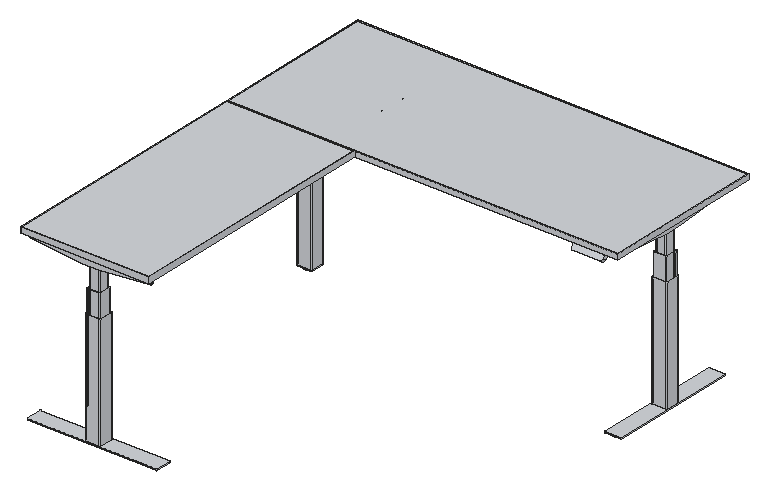
Revit family "Loft Adjustable Ht Desk with Return, Left Hand", category Furniture, Revit 2015
Parameters (values of type "72.5" x 77.25" X 33"")
  Width = 77.25197"
  URL = "http://www.poppin.com"
  Manufacturer = "Poppin, Inc."
  Handset = none
  Length = 71 1/2"
  Height = 33"
  Metal Hardware = none
  Glides = none
  Edge Banding = none
  Description = "Loft Adj Ht Desk with Return, Left Hand"
  Table Top = none
  Copyright = "Copyright © Poppin, Inc."
Reference planes (in)
  plane 1 "Center (Front/Back)": y = 0
  plane 2: z = 0
  plane 3 "Center (Left/Right)": x = 0
Forms (in)
  Extrusion 1, solid, material <- "Metal Hardware", not visible
    sketch origin (0, 0, 0) x (0, 1, 0) y (0, 0, 1)
      loop
        line (-0.69116, 29.72317) -> (2.23729, 29.72317) -> (11.736, 30.63779)
        arc (11.736, 30.63779) -> (11.98969, 30.76496) -> (12.09196, 31.02968) r 0.3937
        line (12.09196, 31.02968) -> (12.09196, 31.73031) -> (-10.54583, 31.73031) -> (-10.54583, 31.02968)
        arc (-10.54583, 31.02968) -> (-10.44356, 30.76496) -> (-10.18987, 30.63779) r 0.3937
        line (-10.18987, 30.63779) -> (-0.69116, 29.72317)
    from -57.66345 to -56.20676
  Extrusion 2, void, not visible
    sketch origin (0, -10.54583, 31.02968) x (0, 0, -1) y (-1, 0, 0)
      loop
        line (-0.60221, 57.56503) -> (-0.60221, 56.08865) -> (1.85316, 56.08865) -> (1.85316, 57.56503) -> (-0.60221, 57.56503)
    from 0 to 24.89905
  Extrusion 3, solid, material <- "Glides"
    sketch origin (0.5, -0.75, 0) x (-1, 0, 0) y (0, -1, 0)
      loop
        circle (-55.87431, -11.20558) r 0.96457
      loop
        circle (-55.87431, 9.64752) r 0.96457
      loop
        circle (-9.84207, 58.18134) r 0.96457
      loop
        circle (11.01104, 58.18134) r 0.96457
      loop
        circle (9.04629, -0.77576) r 0.96457
    from 0 to 0.3937
  Extrusion 4, solid, material <- "Metal Hardware"
    sketch origin (0.5, -0.75, 0) x (-1, 0, 0) y (0, -1, 0)
      loop
        line (-57.25508, -12.6453) -> (-54.48719, -12.6453)
        arc (-54.48719, -12.6453) -> (-54.40582, -12.61159) -> (-54.37211, -12.53022) r 0.11507
        line (-54.37211, -12.53022) -> (-54.37211, 10.98777)
        arc (-54.37211, 10.98777) -> (-54.40636, 11.07045) -> (-54.48905, 11.1047) r 0.11694
        line (-54.48905, 11.1047) -> (-57.25796, 11.1047)
        arc (-57.25796, 11.1047) -> (-57.33868, 11.07127) -> (-57.37211, 10.99055) r 0.11415
        line (-57.37211, 10.99055) -> (-57.37211, -12.52827)
        arc (-57.37211, -12.52827) -> (-57.33784, -12.61102) -> (-57.25508, -12.6453) r 0.11703
      loop
        line (12.46062, 56.79869) -> (12.46062, 59.56659)
        arc (12.46062, 59.56659) -> (12.42691, 59.64796) -> (12.34554, 59.68166) r 0.11507
        line (12.34554, 59.68166) -> (-11.17245, 59.68166)
        arc (-11.17245, 59.68166) -> (-11.25513, 59.64741) -> (-11.28938, 59.56472) r 0.11694
        line (-11.28938, 59.56472) -> (-11.28938, 56.79581)
        arc (-11.28938, 56.79581) -> (-11.25595, 56.71509) -> (-11.17523, 56.68166) r 0.11415
        line (-11.17523, 56.68166) -> (12.34359, 56.68166)
        arc (12.34359, 56.68166) -> (12.42634, 56.71594) -> (12.46062, 56.79869) r 0.11703
      loop
        arc (10.21647, -2.12561) -> (10.34453, -2.07257) -> (10.39757, -1.94451) r 0.1811
        line (10.39757, -1.94451) -> (10.39757, 0.39801)
        arc (10.39757, 0.39801) -> (10.34453, 0.52607) -> (10.21647, 0.57911) r 0.1811
        line (10.21647, 0.57911) -> (7.87395, 0.57911)
        arc (7.87395, 0.57911) -> (7.74589, 0.52607) -> (7.69285, 0.39801) r 0.1811
        line (7.69285, 0.39801) -> (7.69285, -1.94451)
        arc (7.69285, -1.94451) -> (7.74589, -2.07257) -> (7.87395, -2.12561) r 0.1811
        line (7.87395, -2.12561) -> (10.21647, -2.12561)
    from 0.35433 to 0.59055
  Extrusion 5, solid, material <- "Metal Hardware"
    sketch origin (0.5, -0.75, 0) x (-1, 0, 0) y (0, -1, 0)
      loop
        arc (-54.67625, -2.15022) -> (-54.54819, -2.09717) -> (-54.49515, -1.96912) r 0.1811
        line (-54.49515, -1.96912) -> (-54.49515, 0.42262)
        arc (-54.49515, 0.42262) -> (-54.54819, 0.55068) -> (-54.67625, 0.60372) r 0.1811
        line (-54.67625, 0.60372) -> (-57.07413, 0.60372)
        arc (-57.07413, 0.60372) -> (-57.20219, 0.55068) -> (-57.25523, 0.42262) r 0.1811
        line (-57.25523, 0.42262) -> (-57.25523, -1.96912)
        arc (-57.25523, -1.96912) -> (-57.20219, -2.09717) -> (-57.07413, -2.15022) r 0.1811
        line (-57.07413, -2.15022) -> (-54.67625, -2.15022)
      loop
        arc (-54.67625, -2.07148) -> (-54.60387, -2.0415) -> (-54.57389, -1.96912) r 0.10236
        line (-54.57389, -1.96912) -> (-54.57389, 0.42262)
        arc (-54.57389, 0.42262) -> (-54.60387, 0.495) -> (-54.67625, 0.52498) r 0.10236
        line (-54.67625, 0.52498) -> (-57.07413, 0.52498)
        arc (-57.07413, 0.52498) -> (-57.14651, 0.495) -> (-57.17649, 0.42262) r 0.10236
        line (-57.17649, 0.42262) -> (-57.17649, -1.96912)
        arc (-57.17649, -1.96912) -> (-57.14651, -2.0415) -> (-57.07413, -2.07148) r 0.10236
        line (-57.07413, -2.07148) -> (-54.67625, -2.07148)
      loop
        arc (10.24415, -2.14714) -> (10.37221, -2.0941) -> (10.42525, -1.96604) r 0.1811
        line (10.42525, -1.96604) -> (10.42525, 0.42569)
        arc (10.42525, 0.42569) -> (10.37221, 0.55375) -> (10.24415, 0.60679) r 0.1811
        line (10.24415, 0.60679) -> (7.84627, 0.60679)
        arc (7.84627, 0.60679) -> (7.71821, 0.55375) -> (7.66516, 0.42569) r 0.1811
        line (7.66516, 0.42569) -> (7.66516, -1.96604)
        arc (7.66516, -1.96604) -> (7.71821, -2.0941) -> (7.84627, -2.14714) r 0.1811
        line (7.84627, -2.14714) -> (10.24415, -2.14714)
      loop
        arc (10.24415, -2.0684) -> (10.31653, -2.03842) -> (10.34651, -1.96604) r 0.10236
        line (10.34651, -1.96604) -> (10.34651, 0.42569)
        arc (10.34651, 0.42569) -> (10.31653, 0.49807) -> (10.24415, 0.52805) r 0.10236
        line (10.24415, 0.52805) -> (7.84627, 0.52805)
        arc (7.84627, 0.52805) -> (7.77389, 0.49807) -> (7.7439, 0.42569) r 0.10236
        line (7.7439, 0.42569) -> (7.7439, -1.96604)
        arc (7.7439, -1.96604) -> (7.77389, -2.03842) -> (7.84627, -2.0684) r 0.10236
        line (7.84627, -2.0684) -> (10.24415, -2.0684)
      loop
        arc (1.78567, 56.80863) -> (1.91373, 56.86167) -> (1.96678, 56.98973) r 0.1811
        line (1.96678, 56.98973) -> (1.96678, 59.38146)
        arc (1.96678, 59.38146) -> (1.91373, 59.50952) -> (1.78567, 59.56257) r 0.1811
        line (1.78567, 59.56257) -> (-0.61221, 59.56257)
        arc (-0.61221, 59.56257) -> (-0.74027, 59.50952) -> (-0.79331, 59.38146) r 0.1811
        line (-0.79331, 59.38146) -> (-0.79331, 56.98973)
        arc (-0.79331, 56.98973) -> (-0.74027, 56.86167) -> (-0.61221, 56.80863) r 0.1811
        line (-0.61221, 56.80863) -> (1.78567, 56.80863)
      loop
        arc (1.78567, 56.88737) -> (1.85805, 56.91735) -> (1.88804, 56.98973) r 0.10236
        line (1.88804, 56.98973) -> (1.88804, 59.38146)
        arc (1.88804, 59.38146) -> (1.85805, 59.45384) -> (1.78567, 59.48383) r 0.10236
        line (1.78567, 59.48383) -> (-0.61221, 59.48383)
        arc (-0.61221, 59.48383) -> (-0.68459, 59.45384) -> (-0.71457, 59.38146) r 0.10236
        line (-0.71457, 59.38146) -> (-0.71457, 56.98973)
        arc (-0.71457, 56.98973) -> (-0.68459, 56.91735) -> (-0.61221, 56.88737) r 0.10236
        line (-0.61221, 56.88737) -> (1.78567, 56.88737)
    from 0.59055 to 21.33858
  Extrusion 6, solid, material <- "Metal Hardware"
    sketch origin (0.5, -0.75, 0) x (-1, 0, 0) y (0, -1, 0)
      loop
        line (-56.93511, -1.87561) -> (-54.80912, -1.87561)
        arc (-54.80912, -1.87561) -> (-54.78128, -1.86408) -> (-54.76975, -1.83624) r 0.03937
        line (-54.76975, -1.83624) -> (-54.76975, 0.28974)
        arc (-54.76975, 0.28974) -> (-54.78128, 0.31758) -> (-54.80912, 0.32911) r 0.03937
        line (-54.80912, 0.32911) -> (-56.93511, 0.32911)
        arc (-56.93511, 0.32911) -> (-56.96295, 0.31758) -> (-56.97448, 0.28974) r 0.03937
        line (-56.97448, 0.28974) -> (-56.97448, -1.83624)
        arc (-56.97448, -1.83624) -> (-56.96295, -1.86408) -> (-56.93511, -1.87561) r 0.03937
      loop
        line (-56.93511, -1.95435) -> (-54.80912, -1.95435)
        arc (-54.80912, -1.95435) -> (-54.72561, -1.91976) -> (-54.69101, -1.83624) r 0.11811
        line (-54.69101, -1.83624) -> (-54.69101, 0.28974)
        arc (-54.69101, 0.28974) -> (-54.72561, 0.37326) -> (-54.80912, 0.40785) r 0.11811
        line (-54.80912, 0.40785) -> (-56.93511, 0.40785)
        arc (-56.93511, 0.40785) -> (-57.01862, 0.37326) -> (-57.05322, 0.28974) r 0.11811
        line (-57.05322, 0.28974) -> (-57.05322, -1.83624)
        arc (-57.05322, -1.83624) -> (-57.01862, -1.91976) -> (-56.93511, -1.95435) r 0.11811
      loop
        line (7.98529, -1.87254) -> (10.11128, -1.87254)
        arc (10.11128, -1.87254) -> (10.13911, -1.861) -> (10.15065, -1.83317) r 0.03937
        line (10.15065, -1.83317) -> (10.15065, 0.29282)
        arc (10.15065, 0.29282) -> (10.13911, 0.32066) -> (10.11128, 0.33219) r 0.03937
        line (10.11128, 0.33219) -> (7.98529, 0.33219)
        arc (7.98529, 0.33219) -> (7.95745, 0.32066) -> (7.94592, 0.29282) r 0.03937
        line (7.94592, 0.29282) -> (7.94592, -1.83317)
        arc (7.94592, -1.83317) -> (7.95745, -1.861) -> (7.98529, -1.87254) r 0.03937
      loop
        line (7.98529, -1.95128) -> (10.11128, -1.95128)
        arc (10.11128, -1.95128) -> (10.19479, -1.91668) -> (10.22939, -1.83317) r 0.11811
        line (10.22939, -1.83317) -> (10.22939, 0.29282)
        arc (10.22939, 0.29282) -> (10.19479, 0.37633) -> (10.11128, 0.41093) r 0.11811
        line (10.11128, 0.41093) -> (7.98529, 0.41093)
        arc (7.98529, 0.41093) -> (7.90178, 0.37633) -> (7.86718, 0.29282) r 0.11811
        line (7.86718, 0.29282) -> (7.86718, -1.83317)
        arc (7.86718, -1.83317) -> (7.90178, -1.91668) -> (7.98529, -1.95128) r 0.11811
      loop
        line (-0.47318, 57.08323) -> (1.6528, 57.08323)
        arc (1.6528, 57.08323) -> (1.68064, 57.09477) -> (1.69217, 57.1226) r 0.03937
        line (1.69217, 57.1226) -> (1.69217, 59.24859)
        arc (1.69217, 59.24859) -> (1.68064, 59.27643) -> (1.6528, 59.28796) r 0.03937
        line (1.6528, 59.28796) -> (-0.47318, 59.28796)
        arc (-0.47318, 59.28796) -> (-0.50102, 59.27643) -> (-0.51255, 59.24859) r 0.03937
        line (-0.51255, 59.24859) -> (-0.51255, 57.1226)
        arc (-0.51255, 57.1226) -> (-0.50102, 57.09477) -> (-0.47318, 57.08323) r 0.03937
      loop
        line (-0.47318, 57.00449) -> (1.6528, 57.00449)
        arc (1.6528, 57.00449) -> (1.73632, 57.03909) -> (1.77091, 57.1226) r 0.11811
        line (1.77091, 57.1226) -> (1.77091, 59.24859)
        arc (1.77091, 59.24859) -> (1.73632, 59.33211) -> (1.6528, 59.3667) r 0.11811
        line (1.6528, 59.3667) -> (-0.47318, 59.3667)
        arc (-0.47318, 59.3667) -> (-0.5567, 59.33211) -> (-0.59129, 59.24859) r 0.11811
        line (-0.59129, 59.24859) -> (-0.59129, 57.1226)
        arc (-0.59129, 57.1226) -> (-0.5567, 57.03909) -> (-0.47318, 57.00449) r 0.11811
    from 6.20276 to 25.49409
  Extrusion 7, solid, material <- "Metal Hardware"
    sketch origin (0.5, -0.75, 0) x (-1, 0, 0) y (0, -1, 0)
      loop
        arc (-55.08471, -1.7575) -> (-54.94552, -1.69985) -> (-54.88786, -1.56065) r 0.19685
        line (-54.88786, -1.56065) -> (-54.88786, 0.01415)
        arc (-54.88786, 0.01415) -> (-54.94552, 0.15335) -> (-55.08471, 0.211) r 0.19685
        line (-55.08471, 0.211) -> (-56.65952, 0.211)
        arc (-56.65952, 0.211) -> (-56.79871, 0.15335) -> (-56.85637, 0.01415) r 0.19685
        line (-56.85637, 0.01415) -> (-56.85637, -1.56065)
        arc (-56.85637, -1.56065) -> (-56.79871, -1.69985) -> (-56.65952, -1.7575) r 0.19685
        line (-56.65952, -1.7575) -> (-55.08471, -1.7575)
      loop
        arc (-55.08471, -1.67876) -> (-55.0012, -1.64417) -> (-54.9666, -1.56065) r 0.11811
        line (-54.9666, -1.56065) -> (-54.9666, 0.01415)
        arc (-54.9666, 0.01415) -> (-55.0012, 0.09767) -> (-55.08471, 0.13226) r 0.11811
        line (-55.08471, 0.13226) -> (-56.65952, 0.13226)
        arc (-56.65952, 0.13226) -> (-56.74303, 0.09767) -> (-56.77763, 0.01415) r 0.11811
        line (-56.77763, 0.01415) -> (-56.77763, -1.56065)
        arc (-56.77763, -1.56065) -> (-56.74303, -1.64417) -> (-56.65952, -1.67876) r 0.11811
        line (-56.65952, -1.67876) -> (-55.08471, -1.67876)
      loop
        arc (9.83569, -1.75443) -> (9.97488, -1.69677) -> (10.03254, -1.55758) r 0.19685
        line (10.03254, -1.55758) -> (10.03254, 0.01723)
        arc (10.03254, 0.01723) -> (9.97488, 0.15642) -> (9.83569, 0.21408) r 0.19685
        line (9.83569, 0.21408) -> (8.26088, 0.21408)
        arc (8.26088, 0.21408) -> (8.12169, 0.15642) -> (8.06403, 0.01723) r 0.19685
        line (8.06403, 0.01723) -> (8.06403, -1.55758)
        arc (8.06403, -1.55758) -> (8.12169, -1.69677) -> (8.26088, -1.75443) r 0.19685
        line (8.26088, -1.75443) -> (9.83569, -1.75443)
      loop
        arc (9.83569, -1.67569) -> (9.9192, -1.64109) -> (9.9538, -1.55758) r 0.11811
        line (9.9538, -1.55758) -> (9.9538, 0.01723)
        arc (9.9538, 0.01723) -> (9.9192, 0.10074) -> (9.83569, 0.13534) r 0.11811
        line (9.83569, 0.13534) -> (8.26088, 0.13534)
        arc (8.26088, 0.13534) -> (8.17737, 0.10074) -> (8.14277, 0.01723) r 0.11811
        line (8.14277, 0.01723) -> (8.14277, -1.55758)
        arc (8.14277, -1.55758) -> (8.17737, -1.64109) -> (8.26088, -1.67569) r 0.11811
        line (8.26088, -1.67569) -> (9.83569, -1.67569)
      loop
        arc (1.37721, 57.20134) -> (1.5164, 57.259) -> (1.57406, 57.3982) r 0.19685
        line (1.57406, 57.3982) -> (1.57406, 58.973)
        arc (1.57406, 58.973) -> (1.5164, 59.11219) -> (1.37721, 59.16985) r 0.19685
        line (1.37721, 59.16985) -> (-0.19759, 59.16985)
        arc (-0.19759, 59.16985) -> (-0.33679, 59.11219) -> (-0.39444, 58.973) r 0.19685
        line (-0.39444, 58.973) -> (-0.39444, 57.3982)
        arc (-0.39444, 57.3982) -> (-0.33679, 57.259) -> (-0.19759, 57.20134) r 0.19685
        line (-0.19759, 57.20134) -> (1.37721, 57.20134)
      loop
        arc (1.37721, 57.28009) -> (1.46073, 57.31468) -> (1.49532, 57.3982) r 0.11811
        line (1.49532, 57.3982) -> (1.49532, 58.973)
        arc (1.49532, 58.973) -> (1.46073, 59.05652) -> (1.37721, 59.09111) r 0.11811
        line (1.37721, 59.09111) -> (-0.19759, 59.09111)
        arc (-0.19759, 59.09111) -> (-0.28111, 59.05652) -> (-0.3157, 58.973) r 0.11811
        line (-0.3157, 58.973) -> (-0.3157, 57.3982)
        arc (-0.3157, 57.3982) -> (-0.28111, 57.31468) -> (-0.19759, 57.28009) r 0.11811
        line (-0.19759, 57.28009) -> (1.37721, 57.28009)
    from 11.00197 to 29.72244
  Extrusion 8, solid, material <- "Table Top"
    sketch origin (0.5, -0.75, 0) x (-1, 0, 0) y (0, -1, 0)
      loop
        line (12.29718, 14.26631) -> (12.29718, 61.43757) -> (-11.12408, 61.43757) -> (-11.12408, 14.26631) -> (12.29718, 14.26631)
      loop
        line (12.29718, -15.73369) -> (12.29718, 14.18757) -> (-59.12408, 14.18757) -> (-59.12408, -15.73369) -> (12.29718, -15.73369)
    from 31.73031 to 32.73031
  Sweep 9, solid, material <- "Edge Banding"
    path in 3D
      loop
        line (11.62408, -62.18757, 32.73031) -> (-11.79718, -62.18757, 32.73031) -> (-11.79718, -15.01631, 32.73031) -> (11.62408, -15.01631, 32.73031) -> (11.62408, -62.18757, 32.73031)
    profile origin (11.62408, -38.60194, 32.73031) x (1, 0, 0) y (0, 0, 1)
      loop
        line (0, 0) -> (-0.03937, 0) -> (-0.03937, -1) -> (0, -1) -> (0, 0)
  Sweep 10, solid, material <- "Edge Banding"
    path in 3D
      loop
        line (-11.79718, -14.93757, 32.73031) -> (-11.79718, 14.98369, 32.73031) -> (59.62408, 14.98369, 32.73031) -> (59.62408, -14.93757, 32.73031) -> (-11.79718, -14.93757, 32.73031)
    profile origin (23.91345, -14.93757, 32.73031) x (0, -1, 0) y (0, 0, 1)
      loop
        line (0, 0) -> (-0.03937, 0) -> (-0.03937, -1) -> (0, -1) -> (0, 0)
  Extrusion 11, solid, material <- "Metal Hardware"
    sketch origin (0.5, -0.75, 0) x (-1, 0, 0) y (0, -1, 0)
      loop
        line (-50.08471, -0.84762) -> (-50.08471, 0.64128)
        arc (-50.08471, 0.64128) -> (-50.0997, 0.71661) -> (-50.14237, 0.78047) r 0.19685
        line (-50.14237, 0.78047) -> (-50.42076, 1.05886)
        arc (-50.42076, 1.05886) -> (-50.48462, 1.10153) -> (-50.55995, 1.11651) r 0.19685
        line (-50.55995, 1.11651) -> (-57.08979, 1.11651)
        arc (-57.08979, 1.11651) -> (-57.16512, 1.10153) -> (-57.22898, 1.05886) r 0.19685
        line (-57.22898, 1.05886) -> (-57.50737, 0.78047)
        arc (-57.50737, 0.78047) -> (-57.55004, 0.71661) -> (-57.56503, 0.64128) r 0.19685
        line (-57.56503, 0.64128) -> (-57.56503, -2.18777)
        arc (-57.56503, -2.18777) -> (-57.55004, -2.26311) -> (-57.50737, -2.32697) r 0.19685
        line (-57.50737, -2.32697) -> (-57.22898, -2.60536)
        arc (-57.22898, -2.60536) -> (-57.16512, -2.64803) -> (-57.08979, -2.66301) r 0.19685
        line (-57.08979, -2.66301) -> (-50.55995, -2.66301)
        arc (-50.55995, -2.66301) -> (-50.48462, -2.64803) -> (-50.42076, -2.60536) r 0.19685
        line (-50.42076, -2.60536) -> (-50.14237, -2.32697)
        arc (-50.14237, -2.32697) -> (-50.0997, -2.26311) -> (-50.08471, -2.18777) r 0.19685
        line (-50.08471, -2.18777) -> (-50.08471, -0.84762)
      loop
        arc (3.59385, -2.60536) -> (3.65771, -2.64803) -> (3.73305, -2.66301) r 0.19685
        line (3.73305, -2.66301) -> (10.26288, -2.66301)
        arc (10.26288, -2.66301) -> (10.33821, -2.64803) -> (10.40208, -2.60536) r 0.19685
        line (10.40208, -2.60536) -> (10.68047, -2.32697)
        arc (10.68047, -2.32697) -> (10.72314, -2.26311) -> (10.73812, -2.18777) r 0.19685
        line (10.73812, -2.18777) -> (10.73812, 0.64128)
        arc (10.73812, 0.64128) -> (10.72314, 0.71661) -> (10.68047, 0.78047) r 0.19685
        line (10.68047, 0.78047) -> (10.40208, 1.05886)
        arc (10.40208, 1.05886) -> (10.33821, 1.10153) -> (10.26288, 1.11651) r 0.19685
        line (10.26288, 1.11651) -> (3.73305, 1.11651)
        arc (3.73305, 1.11651) -> (3.65771, 1.10153) -> (3.59385, 1.05886) r 0.19685
        line (3.59385, 1.05886) -> (3.31546, 0.78047)
        arc (3.31546, 0.78047) -> (3.27279, 0.71661) -> (3.25781, 0.64128) r 0.19685
        line (3.25781, 0.64128) -> (3.25781, -0.77325) -> (3.25781, -2.18777)
        arc (3.25781, -2.18777) -> (3.27279, -2.26311) -> (3.31546, -2.32697) r 0.19685
        line (3.31546, -2.32697) -> (3.59385, -2.60536)
      loop
        arc (2.00126, 52.3982) -> (2.07659, 52.41318) -> (2.14045, 52.45585) r 0.19685
        line (2.14045, 52.45585) -> (2.41884, 52.73424)
        arc (2.41884, 52.73424) -> (2.46151, 52.7981) -> (2.4765, 52.87343) r 0.19685
        line (2.4765, 52.87343) -> (2.4765, 59.40327)
        arc (2.4765, 59.40327) -> (2.46151, 59.4786) -> (2.41884, 59.54247) r 0.19685
        line (2.41884, 59.54247) -> (2.14045, 59.82085)
        arc (2.14045, 59.82085) -> (2.07659, 59.86353) -> (2.00126, 59.87851) r 0.19685
        line (2.00126, 59.87851) -> (-0.82779, 59.87851)
        arc (-0.82779, 59.87851) -> (-0.90312, 59.86353) -> (-0.96699, 59.82085) r 0.19685
        line (-0.96699, 59.82085) -> (-1.24538, 59.54247)
        arc (-1.24538, 59.54247) -> (-1.28805, 59.4786) -> (-1.30303, 59.40327) r 0.19685
        line (-1.30303, 59.40327) -> (-1.30303, 52.87343)
        arc (-1.30303, 52.87343) -> (-1.28805, 52.7981) -> (-1.24538, 52.73424) r 0.19685
        line (-1.24538, 52.73424) -> (-0.96699, 52.45585)
        arc (-0.96699, 52.45585) -> (-0.90312, 52.41318) -> (-0.82779, 52.3982) r 0.19685
        line (-0.82779, 52.3982) -> (0.60965, 52.3982) -> (2.00126, 52.3982)
    from 29.72244 to 31.73031
  Extrusion 12, solid, material <- "Metal Hardware"
    sketch origin (0.5, -0.75, 0) x (0, 1, 0) y (0, 0, -1)
      loop
        line (-0.69116, -29.72317) -> (-10.18987, -30.63779)
        arc (-10.18987, -30.63779) -> (-10.44356, -30.76496) -> (-10.54583, -31.02968) r 0.3937
        line (-10.54583, -31.02968) -> (-10.54583, -31.73031) -> (12.09196, -31.73031) -> (12.09196, -31.02968)
        arc (12.09196, -31.02968) -> (11.98969, -30.76496) -> (11.736, -30.63779) r 0.3937
        line (11.736, -30.63779) -> (2.23729, -29.72317) -> (-0.69116, -29.72317)
    from -57.66345 to -56.20676
  Extrusion 13, void
    sketch origin (0.5, -11.29583, 31.02968) x (0, 0, -1) y (-1, 0, 0)
      loop
        line (-0.60221, -57.56503) -> (1.85316, -57.56503) -> (1.85316, -56.08865) -> (-0.60221, -56.08865) -> (-0.60221, -57.56503)
    from 0 to 24.89905
  Extrusion 14, solid
    sketch origin (-0.85961, -3.06348, 0) x (1, 0, 0) y (0, 0, -1)
      loop
        line (-0.69116, -29.72317) -> (-10.18987, -30.63779)
        arc (-10.18987, -30.63779) -> (-10.44356, -30.76496) -> (-10.54583, -31.02968) r 0.3937
        line (-10.54583, -31.02968) -> (-10.54583, -31.73031) -> (12.09196, -31.73031) -> (12.09196, -31.02968)
        arc (12.09196, -31.02968) -> (11.98969, -30.76496) -> (11.736, -30.63779) r 0.3937
        line (11.736, -30.63779) -> (2.23729, -29.72317) -> (-0.69116, -29.72317)
    from -57.66345 to -56.20676
  Extrusion 15, void
    sketch origin (-11.40544, -3.06348, 31.02968) x (0, 0, -1) y (0, 1, 0)
      loop
        line (-0.60221, -57.56503) -> (1.85316, -57.56503) -> (1.85316, -56.08865) -> (-0.60221, -56.08865) -> (-0.60221, -57.56503)
    from 0 to 22.6378
  Extrusion 16, solid, material <- "Metal Hardware"
    sketch origin (11.58471, -62.1482, 31.73031) x (-1, 0, 0) y (0, 0, 1)
      loop
        line (8.97441, -0.03937) -> (8.97441, -1.53543)
        arc (8.97441, -1.53543) -> (8.98594, -1.56327) -> (9.01378, -1.5748) r 0.03937
        line (9.01378, -1.5748) -> (9.72244, -1.5748)
        arc (9.72244, -1.5748) -> (9.75028, -1.56327) -> (9.76181, -1.53543) r 0.03937
        line (9.76181, -1.53543) -> (9.76181, -0.03937)
        arc (9.76181, -0.03937) -> (9.75028, -0.01153) -> (9.72244, 0) r 0.03937
        line (9.72244, 0) -> (9.01378, 0)
        arc (9.01378, 0) -> (8.98594, -0.01153) -> (8.97441, -0.03937) r 0.03937
      loop
        line (9.68307, -0.07874) -> (9.05315, -0.07874) -> (9.05315, -1.49606) -> (9.68307, -1.49606) -> (9.68307, -0.07874)
      loop
        line (13.58071, -0.03937) -> (13.58071, -1.53543)
        arc (13.58071, -1.53543) -> (13.59224, -1.56327) -> (13.62008, -1.5748) r 0.03937
        line (13.62008, -1.5748) -> (14.32874, -1.5748)
        arc (14.32874, -1.5748) -> (14.35658, -1.56327) -> (14.36811, -1.53543) r 0.03937
        line (14.36811, -1.53543) -> (14.36811, -0.03937)
        arc (14.36811, -0.03937) -> (14.35658, -0.01153) -> (14.32874, 0) r 0.03937
        line (14.32874, 0) -> (13.62008, 0)
        arc (13.62008, 0) -> (13.59224, -0.01153) -> (13.58071, -0.03937) r 0.03937
      loop
        line (14.28937, -0.07874) -> (13.65945, -0.07874) -> (13.65945, -1.49606) -> (14.28937, -1.49606) -> (14.28937, -0.07874)
    from 1.79528 to 24.75842
  Extrusion 17, solid, material <- "Metal Hardware"
    sketch origin (11.58471, -37.38977, 31.73031) x (-1, 0, 0) y (0, 0, 1)
      loop
        line (9.15157, -1.24016) -> (9.54528, -1.24016)
        arc (9.54528, -1.24016) -> (9.61487, -1.21133) -> (9.6437, -1.14173) r 0.09843
        line (9.6437, -1.14173) -> (9.6437, -0.15748)
        arc (9.6437, -0.15748) -> (9.61487, -0.08788) -> (9.54528, -0.05906) r 0.09843
        line (9.54528, -0.05906) -> (9.15157, -0.05906)
        arc (9.15157, -0.05906) -> (9.08198, -0.08788) -> (9.05315, -0.15748) r 0.09843
        line (9.05315, -0.15748) -> (9.05315, -1.14173)
        arc (9.05315, -1.14173) -> (9.08198, -1.21133) -> (9.15157, -1.24016) r 0.09843
      loop
        arc (9.54528, -1.1811) -> (9.57311, -1.16957) -> (9.58465, -1.14173) r 0.03937
        line (9.58465, -1.14173) -> (9.58465, -0.15748)
        arc (9.58465, -0.15748) -> (9.57311, -0.12964) -> (9.54528, -0.11811) r 0.03937
        line (9.54528, -0.11811) -> (9.15157, -0.11811)
        arc (9.15157, -0.11811) -> (9.12374, -0.12964) -> (9.1122, -0.15748) r 0.03937
        line (9.1122, -0.15748) -> (9.1122, -1.14173)
        arc (9.1122, -1.14173) -> (9.12374, -1.16957) -> (9.15157, -1.1811) r 0.03937
        line (9.15157, -1.1811) -> (9.54528, -1.1811)
      loop
        line (13.79724, -1.24016) -> (14.19094, -1.24016)
        arc (14.19094, -1.24016) -> (14.26054, -1.21133) -> (14.28937, -1.14173) r 0.09843
        line (14.28937, -1.14173) -> (14.28937, -0.15748)
        arc (14.28937, -0.15748) -> (14.26054, -0.08788) -> (14.19094, -0.05906) r 0.09843
        line (14.19094, -0.05906) -> (13.79724, -0.05906)
        arc (13.79724, -0.05906) -> (13.72765, -0.08788) -> (13.69882, -0.15748) r 0.09843
        line (13.69882, -0.15748) -> (13.69882, -1.14173)
        arc (13.69882, -1.14173) -> (13.72765, -1.21133) -> (13.79724, -1.24016) r 0.09843
      loop
        arc (14.19094, -1.1811) -> (14.21878, -1.16957) -> (14.23031, -1.14173) r 0.03937
        line (14.23031, -1.14173) -> (14.23031, -0.15748)
        arc (14.23031, -0.15748) -> (14.21878, -0.12964) -> (14.19094, -0.11811) r 0.03937
        line (14.19094, -0.11811) -> (13.79724, -0.11811)
        arc (13.79724, -0.11811) -> (13.76941, -0.12964) -> (13.75787, -0.15748) r 0.03937
        line (13.75787, -0.15748) -> (13.75787, -1.14173)
        arc (13.75787, -1.14173) -> (13.76941, -1.16957) -> (13.79724, -1.1811) r 0.03937
        line (13.79724, -1.1811) -> (14.19094, -1.1811)
    from -14.1219 to 22.06244
  Extrusion 18, solid, material <- "Metal Hardware"
    sketch origin (11.66345, -37.03009, 31.73031) x (-1, 0, 0) y (0, 0, -1)
      loop
        arc (9.05315, 0.03937) -> (9.06468, 0.01153) -> (9.09252, 0) r 0.03937
        line (9.09252, 0) -> (9.80118, 0)
        arc (9.80118, 0) -> (9.82902, 0.01153) -> (9.84055, 0.03937) r 0.03937
        line (9.84055, 0.03937) -> (9.84055, 1.53543)
        arc (9.84055, 1.53543) -> (9.82902, 1.56327) -> (9.80118, 1.5748) r 0.03937
        line (9.80118, 1.5748) -> (9.09252, 1.5748)
        arc (9.09252, 1.5748) -> (9.06468, 1.56327) -> (9.05315, 1.53543) r 0.03937
        line (9.05315, 1.53543) -> (9.05315, 0.03937)
      loop
        line (9.76181, 0.07874) -> (9.76181, 1.49606) -> (9.13189, 1.49606) -> (9.13189, 0.07874) -> (9.76181, 0.07874)
      loop
        arc (13.65945, 0.03937) -> (13.67098, 0.01153) -> (13.69882, 0) r 0.03937
        line (13.69882, 0) -> (14.40748, 0)
        arc (14.40748, 0) -> (14.43532, 0.01153) -> (14.44685, 0.03937) r 0.03937
        line (14.44685, 0.03937) -> (14.44685, 1.53543)
        arc (14.44685, 1.53543) -> (14.43532, 1.56327) -> (14.40748, 1.5748) r 0.03937
        line (14.40748, 1.5748) -> (13.69882, 1.5748)
        arc (13.69882, 1.5748) -> (13.67098, 1.56327) -> (13.65945, 1.53543) r 0.03937
        line (13.65945, 1.53543) -> (13.65945, 0.03937)
      loop
        line (14.36811, 0.07874) -> (14.36811, 1.49606) -> (13.73819, 1.49606) -> (13.73819, 0.07874) -> (14.36811, 0.07874)
    from -34.15945 to -14.47441
  Extrusion 19, solid, material <- "Metal Hardware"
    sketch origin (16.54337, -11.72667, 31.73031) x (0, 1, 0) y (0, 0, -1)
      loop
        arc (9.05315, 0.03937) -> (9.06468, 0.01153) -> (9.09252, 0) r 0.03937
        line (9.09252, 0) -> (9.80118, 0)
        arc (9.80118, 0) -> (9.82902, 0.01153) -> (9.84055, 0.03937) r 0.03937
        line (9.84055, 0.03937) -> (9.84055, 1.53543)
        arc (9.84055, 1.53543) -> (9.82902, 1.56327) -> (9.80118, 1.5748) r 0.03937
        line (9.80118, 1.5748) -> (9.09252, 1.5748)
        arc (9.09252, 1.5748) -> (9.06468, 1.56327) -> (9.05315, 1.53543) r 0.03937
        line (9.05315, 1.53543) -> (9.05315, 0.03937)
      loop
        line (9.76181, 0.07874) -> (9.76181, 1.49606) -> (9.13189, 1.49606) -> (9.13189, 0.07874) -> (9.76181, 0.07874)
      loop
        arc (13.65945, 0.03937) -> (13.67098, 0.01153) -> (13.69882, 0) r 0.03937
        line (13.69882, 0) -> (14.40748, 0)
        arc (14.40748, 0) -> (14.43532, 0.01153) -> (14.44685, 0.03937) r 0.03937
        line (14.44685, 0.03937) -> (14.44685, 1.53543)
        arc (14.44685, 1.53543) -> (14.43532, 1.56327) -> (14.40748, 1.5748) r 0.03937
        line (14.40748, 1.5748) -> (13.69882, 1.5748)
        arc (13.69882, 1.5748) -> (13.67098, 1.56327) -> (13.65945, 1.53543) r 0.03937
        line (13.65945, 1.53543) -> (13.65945, 0.03937)
      loop
        line (14.36811, 0.07874) -> (14.36811, 1.49606) -> (13.73819, 1.49606) -> (13.73819, 0.07874) -> (14.36811, 0.07874)
    from -41.52165 to -21.83661
  Extrusion 20, solid, material <- "Metal Hardware"
    sketch origin (-12.59048, -11.72667, 31.73031) x (0, 1, 0) y (0, 0, -1)
      loop
        arc (9.05315, 0.03937) -> (9.06468, 0.01153) -> (9.09252, 0) r 0.03937
        line (9.09252, 0) -> (9.80118, 0)
        arc (9.80118, 0) -> (9.82902, 0.01153) -> (9.84055, 0.03937) r 0.03937
        line (9.84055, 0.03937) -> (9.84055, 1.53543)
        arc (9.84055, 1.53543) -> (9.82902, 1.56327) -> (9.80118, 1.5748) r 0.03937
        line (9.80118, 1.5748) -> (9.09252, 1.5748)
        arc (9.09252, 1.5748) -> (9.06468, 1.56327) -> (9.05315, 1.53543) r 0.03937
        line (9.05315, 1.53543) -> (9.05315, 0.03937)
      loop
        line (9.76181, 0.07874) -> (9.76181, 1.49606) -> (9.13189, 1.49606) -> (9.13189, 0.07874) -> (9.76181, 0.07874)
      loop
        arc (13.65945, 0.03937) -> (13.67098, 0.01153) -> (13.69882, 0) r 0.03937
        line (13.69882, 0) -> (14.40748, 0)
        arc (14.40748, 0) -> (14.43532, 0.01153) -> (14.44685, 0.03937) r 0.03937
        line (14.44685, 0.03937) -> (14.44685, 1.53543)
        arc (14.44685, 1.53543) -> (14.43532, 1.56327) -> (14.40748, 1.5748) r 0.03937
        line (14.40748, 1.5748) -> (13.69882, 1.5748)
        arc (13.69882, 1.5748) -> (13.67098, 1.56327) -> (13.65945, 1.53543) r 0.03937
        line (13.65945, 1.53543) -> (13.65945, 0.03937)
      loop
        line (14.36811, 0.07874) -> (14.36811, 1.49606) -> (13.73819, 1.49606) -> (13.73819, 0.07874) -> (14.36811, 0.07874)
    from -22.0374 to -2.35236
  Extrusion 21, solid, material <- "Metal Hardware"
    sketch origin (-4.88583, -11.72736, 31.73031) x (0, 1, 0) y (0, 0, -1)
      loop
        arc (9.23031, 1.24016) -> (9.16072, 1.21133) -> (9.13189, 1.14173) r 0.09843
        line (9.13189, 1.14173) -> (9.13189, 0.15748)
        arc (9.13189, 0.15748) -> (9.16072, 0.08788) -> (9.23031, 0.05906) r 0.09843
        line (9.23031, 0.05906) -> (9.62402, 0.05906)
        arc (9.62402, 0.05906) -> (9.69361, 0.08788) -> (9.72244, 0.15748) r 0.09843
        line (9.72244, 0.15748) -> (9.72244, 1.14173)
        arc (9.72244, 1.14173) -> (9.69361, 1.21133) -> (9.62402, 1.24016) r 0.09843
        line (9.62402, 1.24016) -> (9.23031, 1.24016)
      loop
        line (9.62402, 1.1811) -> (9.23031, 1.1811)
        arc (9.23031, 1.1811) -> (9.20248, 1.16957) -> (9.19094, 1.14173) r 0.03937
        line (9.19094, 1.14173) -> (9.19094, 0.15748)
        arc (9.19094, 0.15748) -> (9.20248, 0.12964) -> (9.23031, 0.11811) r 0.03937
        line (9.23031, 0.11811) -> (9.62402, 0.11811)
        arc (9.62402, 0.11811) -> (9.65185, 0.12964) -> (9.66339, 0.15748) r 0.03937
        line (9.66339, 0.15748) -> (9.66339, 1.14173)
        arc (9.66339, 1.14173) -> (9.65185, 1.16957) -> (9.62402, 1.1811) r 0.03937
      loop
        arc (13.87598, 1.24016) -> (13.80639, 1.21133) -> (13.77756, 1.14173) r 0.09843
        line (13.77756, 1.14173) -> (13.77756, 0.15748)
        arc (13.77756, 0.15748) -> (13.80639, 0.08788) -> (13.87598, 0.05906) r 0.09843
        line (13.87598, 0.05906) -> (14.26969, 0.05906)
        arc (14.26969, 0.05906) -> (14.33928, 0.08788) -> (14.36811, 0.15748) r 0.09843
        line (14.36811, 0.15748) -> (14.36811, 1.14173)
        arc (14.36811, 1.14173) -> (14.33928, 1.21133) -> (14.26969, 1.24016) r 0.09843
        line (14.26969, 1.24016) -> (13.87598, 1.24016)
      loop
        line (14.26969, 1.1811) -> (13.87598, 1.1811)
        arc (13.87598, 1.1811) -> (13.84815, 1.16957) -> (13.83661, 1.14173) r 0.03937
        line (13.83661, 1.14173) -> (13.83661, 0.15748)
        arc (13.83661, 0.15748) -> (13.84815, 0.12964) -> (13.87598, 0.11811) r 0.03937
        line (13.87598, 0.11811) -> (14.26969, 0.11811)
        arc (14.26969, 0.11811) -> (14.29752, 0.12964) -> (14.30906, 0.15748) r 0.03937
        line (14.30906, 0.15748) -> (14.30906, 1.14173)
        arc (14.30906, 1.14173) -> (14.29752, 1.16957) -> (14.26969, 1.1811) r 0.03937
    from -46.26582 to -10.83274
  Extrusion 22, solid, material <- "Metal Hardware"
    sketch origin (11.66345, -52.62064, 31.73031) x (-1, 0, 0) y (0, 0, -1)
      loop
        arc (10.0374, 0.11811) -> (9.98172, 0.14117) -> (9.95866, 0.19685) r 0.07874
        line (9.95866, 0.19685) -> (9.95866, 0.51378) -> (9.84055, 0.51378) -> (9.84055, 0.19685)
        arc (9.84055, 0.19685) -> (9.89821, 0.05766) -> (10.0374, 0) r 0.19685
        line (10.0374, 0) -> (13.4626, 0)
        arc (13.4626, 0) -> (13.60179, 0.05766) -> (13.65945, 0.19685) r 0.19685
        line (13.65945, 0.19685) -> (13.65945, 0.52362) -> (13.54134, 0.52362) -> (13.54134, 0.19685)
        arc (13.54134, 0.19685) -> (13.51828, 0.14117) -> (13.4626, 0.11811) r 0.07874
        line (13.4626, 0.11811) -> (10.0374, 0.11811)
    from -11.67716 to -10.69291
  Extrusion 23, solid, material <- "Metal Hardware"
    sketch origin (11.66345, -27.42136, 31.73031) x (-1, 0, 0) y (0, 0, -1)
      loop
        arc (10.0374, 0.11811) -> (9.98172, 0.14117) -> (9.95866, 0.19685) r 0.07874
        line (9.95866, 0.19685) -> (9.95866, 0.51378) -> (9.84055, 0.51378) -> (9.84055, 0.19685)
        arc (9.84055, 0.19685) -> (9.89821, 0.05766) -> (10.0374, 0) r 0.19685
        line (10.0374, 0) -> (13.4626, 0)
        arc (13.4626, 0) -> (13.60179, 0.05766) -> (13.65945, 0.19685) r 0.19685
        line (13.65945, 0.19685) -> (13.65945, 0.52362) -> (13.54134, 0.52362) -> (13.54134, 0.19685)
        arc (13.54134, 0.19685) -> (13.51828, 0.14117) -> (13.4626, 0.11811) r 0.07874
        line (13.4626, 0.11811) -> (10.0374, 0.11811)
    from -11.67716 to -10.69291
  Extrusion 24, solid, material <- "Metal Hardware"
    sketch origin (0.5, -0.75, 0) x (-1, 0, 0) y (0, -1, 0)
      loop
        arc (-8.1792, 15.84111) -> (-8.2138, 15.92463) -> (-8.29731, 15.95922) r 0.11811
        line (-8.29731, 15.95922) -> (-9.06109, 15.95922)
        arc (-9.06109, 15.95922) -> (-9.14461, 15.92463) -> (-9.1792, 15.84111) r 0.11811
        line (-9.1792, 15.84111) -> (-9.1792, 11.57733)
        arc (-9.1792, 11.57733) -> (-9.14461, 11.49381) -> (-9.06109, 11.45922) r 0.11811
        line (-9.06109, 11.45922) -> (-8.29731, 11.45922)
        arc (-8.29731, 11.45922) -> (-8.2138, 11.49381) -> (-8.1792, 11.57733) r 0.11811
        line (-8.1792, 11.57733) -> (-8.1792, 15.84111)
      loop
        arc (9.35229, 11.57733) -> (9.38689, 11.49381) -> (9.4704, 11.45922) r 0.11811
        line (9.4704, 11.45922) -> (10.23418, 11.45922)
        arc (10.23418, 11.45922) -> (10.3177, 11.49381) -> (10.35229, 11.57733) r 0.11811
        line (10.35229, 11.57733) -> (10.35229, 15.84111)
        arc (10.35229, 15.84111) -> (10.3177, 15.92463) -> (10.23418, 15.95922) r 0.11811
        line (10.23418, 15.95922) -> (9.4704, 15.95922)
        arc (9.4704, 15.95922) -> (9.38689, 15.92463) -> (9.35229, 15.84111) r 0.11811
        line (9.35229, 15.84111) -> (9.35229, 11.57733)
    from 31.63189 to 31.73031
  Extrusion 25, solid, material <- "Metal Hardware"
    sketch origin (11.66345, -33.24859, 31.73031) x (-1, 0, 0) y (0, 0, -1)
      loop
        line (13.54134, 0.45276) -> (9.95866, 0.45276)
        arc (9.95866, 0.45276) -> (9.87514, 0.41816) -> (9.84055, 0.33465) r 0.11811
        line (9.84055, 0.33465) -> (9.84055, -0.01969) -> (9.93898, -0.01969) -> (9.93898, 0.31496)
        arc (9.93898, 0.31496) -> (9.95051, 0.3428) -> (9.97835, 0.35433) r 0.03937
        line (9.97835, 0.35433) -> (13.52165, 0.35433)
        arc (13.52165, 0.35433) -> (13.54949, 0.3428) -> (13.56102, 0.31496) r 0.03937
        line (13.56102, 0.31496) -> (13.56102, -0.01969) -> (13.65945, -0.01969) -> (13.65945, 0.33465)
        arc (13.65945, 0.33465) -> (13.62486, 0.41816) -> (13.54134, 0.45276) r 0.11811
    from -13.44882 to -10.69291
  Extrusion 26, void
    sketch origin (-1.79914, -33.24859, 31.73031) x (0, 1, 0) y (1, 0, 0)
      loop
        arc (12.34701, 2.73622) -> (12.40728, 2.74821) -> (12.45837, 2.78235) r 0.15748
        arc (12.45837, 2.78235) -> (12.49251, 2.95397) -> (12.34701, 3.05118) r 0.15748
        line (12.34701, 3.05118) -> (10.81102, 3.05118)
        arc (10.81102, 3.05118) -> (10.72751, 3.08577) -> (10.69291, 3.16929) r 0.11811
        line (10.69291, 3.16929) -> (10.29921, 3.16929) -> (10.29921, 0.25591) -> (10.69291, 0.25591)
        arc (10.69291, 0.25591) -> (10.72751, 0.33942) -> (10.81102, 0.37402) r 0.11811
        line (10.81102, 0.37402) -> (12.34701, 0.37402)
        arc (12.34701, 0.37402) -> (12.40728, 0.386) -> (12.45837, 0.42014) r 0.15748
        arc (12.45837, 0.42014) -> (12.49251, 0.59176) -> (12.34701, 0.68898) r 0.15748
        line (12.34701, 0.68898) -> (10.88976, 0.68898) -> (10.69291, 0.76772) -> (10.69291, 2.65748) -> (10.88976, 2.73622) -> (12.34701, 2.73622)
    from 0 to 0.61064
  Extrusion 27, solid, material <- "Metal Hardware"
    sketch origin (17.97448, 11.77306, 31.73031) x (0, -1, 0) y (0, 0, -1)
      loop
        line (13.54134, 0.45276) -> (9.95866, 0.45276)
        arc (9.95866, 0.45276) -> (9.87514, 0.41816) -> (9.84055, 0.33465) r 0.11811
        line (9.84055, 0.33465) -> (9.84055, -0.01969) -> (9.93898, -0.01969) -> (9.93898, 0.31496)
        arc (9.93898, 0.31496) -> (9.95051, 0.3428) -> (9.97835, 0.35433) r 0.03937
        line (9.97835, 0.35433) -> (13.52165, 0.35433)
        arc (13.52165, 0.35433) -> (13.54949, 0.3428) -> (13.56102, 0.31496) r 0.03937
        line (13.56102, 0.31496) -> (13.56102, -0.01969) -> (13.65945, -0.01969) -> (13.65945, 0.33465)
        arc (13.65945, 0.33465) -> (13.62486, 0.41816) -> (13.54134, 0.45276) r 0.11811
    from -13.44882 to -10.69291
  Extrusion 28, void
    sketch origin (17.97448, -1.68953, 31.73031) x (-1, 0, 0) y (0, 1, 0)
      loop
        arc (12.34701, 2.73622) -> (12.40728, 2.74821) -> (12.45837, 2.78235) r 0.15748
        arc (12.45837, 2.78235) -> (12.49251, 2.95397) -> (12.34701, 3.05118) r 0.15748
        line (12.34701, 3.05118) -> (10.81102, 3.05118)
        arc (10.81102, 3.05118) -> (10.72751, 3.08577) -> (10.69291, 3.16929) r 0.11811
        line (10.69291, 3.16929) -> (10.29921, 3.16929) -> (10.29921, 0.25591) -> (10.69291, 0.25591)
        arc (10.69291, 0.25591) -> (10.72751, 0.33942) -> (10.81102, 0.37402) r 0.11811
        line (10.81102, 0.37402) -> (12.34701, 0.37402)
        arc (12.34701, 0.37402) -> (12.40728, 0.386) -> (12.45837, 0.42014) r 0.15748
        arc (12.45837, 0.42014) -> (12.49251, 0.59176) -> (12.34701, 0.68898) r 0.15748
        line (12.34701, 0.68898) -> (10.88976, 0.68898) -> (10.69291, 0.76772) -> (10.69291, 2.65748) -> (10.88976, 2.73622) -> (12.34701, 2.73622)
    from 0 to 0.61064
  Extrusion 29, solid, material <- "Metal Hardware"
    sketch origin (11.58471, -38.6482, 31.73031) x (-1, 0, 0) y (0, 0, 1)
      loop
        line (9.95866, -0.11811) -> (13.38386, -0.11811)
        arc (13.38386, -0.11811) -> (13.43954, -0.14117) -> (13.4626, -0.19685) r 0.07874
        line (13.4626, -0.19685) -> (13.4626, -0.52362) -> (13.58071, -0.52362) -> (13.58071, -0.19685)
        arc (13.58071, -0.19685) -> (13.52305, -0.05766) -> (13.38386, 0) r 0.19685
        line (13.38386, 0) -> (9.95866, 0)
        arc (9.95866, 0) -> (9.81947, -0.05766) -> (9.76181, -0.19685) r 0.19685
        line (9.76181, -0.19685) -> (9.76181, -0.51378) -> (9.87992, -0.51378) -> (9.87992, -0.19685)
        arc (9.87992, -0.19685) -> (9.90298, -0.14117) -> (9.95866, -0.11811) r 0.07874
    from -11.67716 to -10.69291
  Extrusion 30, solid, material <- "Handset"
    sketch origin (49.06807, 15.1377, 31.73031) x (0, -1, 0) y (0, 0, 1)
      loop
        line (29.15035, 0) -> (27.80512, 0) -> (27.80512, -0.27559) -> (27.88386, -0.27559)
        arc (27.88386, -0.27559) -> (28.63072, -0.40054) -> (29.29625, -0.76178) r 2.29461
        arc (29.29625, -0.76178) -> (29.49874, -0.84318) -> (29.71347, -0.80423) r 0.3937
        line (29.71347, -0.80423) -> (29.15035, 0)
    from -4.22244 to -3.67126
  Extrusion 31, void
    sketch origin (49.06807, 15.1377, 31.73031) x (0, 1, 0) y (0, 0, 1)
      loop
        line (-29.1917, -0.05906) -> (-29.71347, -0.80423)
        arc (-29.71347, -0.80423) -> (-29.49874, -0.84318) -> (-29.29625, -0.76178) r 0.3937
        arc (-29.29625, -0.76178) -> (-28.63072, -0.40054) -> (-27.88386, -0.27559) r 2.29461
        line (-27.88386, -0.27559) -> (-27.80512, -0.27559) -> (-27.80512, -0.05906) -> (-29.1917, -0.05906)
    from 3.73031 to 4.16339
  Extrusion 32, solid, material <- "Handset"
    sketch origin (51.9224, 15.1377, 31.73031) x (0, -1, 0) y (0, 0, 1)
      loop
        line (29.15035, 0) -> (27.80512, 0) -> (27.80512, -0.27559) -> (27.88386, -0.27559)
        arc (27.88386, -0.27559) -> (28.63072, -0.40054) -> (29.29625, -0.76178) r 2.29461
        arc (29.29625, -0.76178) -> (29.49874, -0.84318) -> (29.71347, -0.80423) r 0.3937
        line (29.71347, -0.80423) -> (29.15035, 0)
    from -4.22244 to -3.67126
  Extrusion 33, void
    sketch origin (51.9224, 15.1377, 31.73031) x (0, 1, 0) y (0, 0, 1)
      loop
        line (-29.1917, -0.05906) -> (-29.71347, -0.80423)
        arc (-29.71347, -0.80423) -> (-29.49874, -0.84318) -> (-29.29625, -0.76178) r 0.3937
        arc (-29.29625, -0.76178) -> (-28.63072, -0.40054) -> (-27.88386, -0.27559) r 2.29461
        line (-27.88386, -0.27559) -> (-27.80512, -0.27559) -> (-27.80512, -0.05906) -> (-29.1917, -0.05906)
    from 3.73031 to 4.16339
  Extrusion 34, solid, material <- "Handset"
    sketch origin (49.06807, 15.1377, 31.73031) x (0, -1, 0) y (0, 0, 1)
      loop
        line (29.22244, 0) -> (27.80512, 0) -> (27.80512, -0.05906) -> (29.1917, -0.05906) -> (29.71347, -0.80423) -> (29.7644, -0.774) -> (29.22244, 0)
    from -7.05709 to -3.67126
  Extrusion 35, solid, material <- "Handset"
    sketch origin (49.06807, 15.1377, 31.73031) x (0, -1, 0) y (0, 0, 1)
      loop
        line (30.58654, -0.91853) -> (29.96595, -0.03224)
        arc (29.96595, -0.03224) -> (29.93892, -0.00854) -> (29.90401, 0) r 0.07561
        line (29.90401, 0) -> (29.29741, 0)
        arc (29.29741, 0) -> (29.26279, -0.02101) -> (29.26544, -0.06141) r 0.03903
        line (29.26544, -0.06141) -> (30.0128, -1.12875)
        arc (30.0128, -1.12875) -> (30.13987, -1.2097) -> (30.28696, -1.17709) r 0.19685
        line (30.28696, -1.17709) -> (30.57672, -0.9742)
        arc (30.57672, -0.9742) -> (30.59316, -0.9484) -> (30.58654, -0.91853) r 0.03997
    from -8.2185 to -2.50984
  Extrusion 36, void
    sketch origin (49.06807, -15.44918, 30.81129) x (0, -0.573576, -0.819152) y (-1, 0, 0)
      loop
        arc (-0.31662, -2.50984) -> (-0.09316, -2.6024) -> (-0.0006, -2.82586) r 0.31602
        line (-0.0006, -2.82586) -> (-0.0006, -7.8248)
        arc (-0.0006, -7.8248) -> (-0.11591, -8.10319) -> (-0.3943, -8.2185) r 0.3937
        line (-0.3943, -8.2185) -> (0.19625, -8.2185) -> (0.19625, -2.50984) -> (-0.31662, -2.50984)
    from 0 to 1.86625
  Sweep 37, solid, material <- "Edge Banding", not visible
    path in 3D
      loop
        line (11.62408, -62.18757, 32.73031) -> (-11.79718, -62.18757, 32.73031) -> (-11.79718, -15.01631, 32.73031) -> (11.62408, -15.01631, 32.73031) -> (11.62408, -62.18757, 32.73031)
    profile origin (11.62408, -38.60194, 32.73031) x (1, 0, 0) y (0, 0, 1)
      loop
        line (0, 0) -> (-0.03937, 0) -> (-0.03937, -1) -> (0, -1) -> (0, 0)
  Sweep 38, solid, material <- "Edge Banding", not visible
    path in 3D
      loop
        line (-11.79718, -14.93757, 32.73031) -> (-11.79718, 14.98369, 32.73031) -> (59.62408, 14.98369, 32.73031) -> (59.62408, -14.93757, 32.73031) -> (-11.79718, -14.93757, 32.73031)
    profile origin (23.91345, -14.93757, 32.73031) x (0, -1, 0) y (0, 0, 1)
      loop
        line (0, 0) -> (-0.03937, 0) -> (-0.03937, -1) -> (0, -1) -> (0, 0)
  Extrusion 39, solid, material <- "Handset", not visible
    sketch origin (49.06807, 15.1377, 31.73031) x (0, -1, 0) y (0, 0, 1)
      loop
        line (29.15035, 0) -> (27.80512, 0) -> (27.80512, -0.27559) -> (27.88386, -0.27559)
        arc (27.88386, -0.27559) -> (28.63072, -0.40054) -> (29.29625, -0.76178) r 2.29461
        arc (29.29625, -0.76178) -> (29.49874, -0.84318) -> (29.71347, -0.80423) r 0.3937
        line (29.71347, -0.80423) -> (29.15035, 0)
    from -4.22244 to -3.67126
  Extrusion 40, void, not visible
    sketch origin (49.06807, 15.1377, 31.73031) x (0, 1, 0) y (0, 0, 1)
      loop
        line (-29.1917, -0.05906) -> (-29.71347, -0.80423)
        arc (-29.71347, -0.80423) -> (-29.49874, -0.84318) -> (-29.29625, -0.76178) r 0.3937
        arc (-29.29625, -0.76178) -> (-28.63072, -0.40054) -> (-27.88386, -0.27559) r 2.29461
        line (-27.88386, -0.27559) -> (-27.80512, -0.27559) -> (-27.80512, -0.05906) -> (-29.1917, -0.05906)
    from 3.73031 to 4.16339
  Extrusion 41, solid, material <- "Handset", not visible
    sketch origin (51.9224, 15.1377, 31.73031) x (0, -1, 0) y (0, 0, 1)
      loop
        line (29.15035, 0) -> (27.80512, 0) -> (27.80512, -0.27559) -> (27.88386, -0.27559)
        arc (27.88386, -0.27559) -> (28.63072, -0.40054) -> (29.29625, -0.76178) r 2.29461
        arc (29.29625, -0.76178) -> (29.49874, -0.84318) -> (29.71347, -0.80423) r 0.3937
        line (29.71347, -0.80423) -> (29.15035, 0)
    from -4.22244 to -3.67126
  Extrusion 42, void, not visible
    sketch origin (51.9224, 15.1377, 31.73031) x (0, 1, 0) y (0, 0, 1)
      loop
        line (-29.1917, -0.05906) -> (-29.71347, -0.80423)
        arc (-29.71347, -0.80423) -> (-29.49874, -0.84318) -> (-29.29625, -0.76178) r 0.3937
        arc (-29.29625, -0.76178) -> (-28.63072, -0.40054) -> (-27.88386, -0.27559) r 2.29461
        line (-27.88386, -0.27559) -> (-27.80512, -0.27559) -> (-27.80512, -0.05906) -> (-29.1917, -0.05906)
    from 3.73031 to 4.16339
  Extrusion 43, solid, material <- "Handset", not visible
    sketch origin (49.06807, 15.1377, 31.73031) x (0, -1, 0) y (0, 0, 1)
      loop
        line (29.22244, 0) -> (27.80512, 0) -> (27.80512, -0.05906) -> (29.1917, -0.05906) -> (29.71347, -0.80423) -> (29.7644, -0.774) -> (29.22244, 0)
    from -7.05709 to -3.67126
  Extrusion 44, solid, material <- "Handset", not visible
    sketch origin (49.06807, 15.1377, 31.73031) x (0, -1, 0) y (0, 0, 1)
      loop
        line (30.58654, -0.91853) -> (29.96595, -0.03224)
        arc (29.96595, -0.03224) -> (29.93892, -0.00854) -> (29.90401, 0) r 0.07561
        line (29.90401, 0) -> (29.29741, 0)
        arc (29.29741, 0) -> (29.26279, -0.02101) -> (29.26544, -0.06141) r 0.03903
        line (29.26544, -0.06141) -> (30.0128, -1.12875)
        arc (30.0128, -1.12875) -> (30.13987, -1.2097) -> (30.28696, -1.17709) r 0.19685
        line (30.28696, -1.17709) -> (30.57672, -0.9742)
        arc (30.57672, -0.9742) -> (30.59316, -0.9484) -> (30.58654, -0.91853) r 0.03997
    from -8.2185 to -2.50984
  Extrusion 45, void, not visible
    sketch origin (49.06807, -15.44918, 30.81129) x (0, -0.573576, -0.819152) y (-1, 0, 0)
      loop
        arc (-0.31662, -2.50984) -> (-0.09316, -2.6024) -> (-0.0006, -2.82586) r 0.31602
        line (-0.0006, -2.82586) -> (-0.0006, -7.8248)
        arc (-0.0006, -7.8248) -> (-0.11591, -8.10319) -> (-0.3943, -8.2185) r 0.3937
        line (-0.3943, -8.2185) -> (0.19625, -8.2185) -> (0.19625, -2.50984) -> (-0.31662, -2.50984)
    from 0 to 1.86625
  Extrusion 46, solid, material <- "Glides", not visible
    sketch origin (0.5, -0.75, 0) x (-1, 0, 0) y (0, -1, 0)
      loop
        circle (-55.87431, -11.20558) r 0.96457
      loop
        circle (-55.87431, 9.64752) r 0.96457
      loop
        circle (-9.84207, 58.18134) r 0.96457
      loop
        circle (11.01104, 58.18134) r 0.96457
      loop
        circle (9.04629, -0.77576) r 0.96457
    from 0 to 0.3937
  Extrusion 47, solid, material <- "Metal Hardware", not visible
    sketch origin (0.5, -0.75, 0) x (-1, 0, 0) y (0, -1, 0)
      loop
        line (-57.25508, -12.6453) -> (-54.48719, -12.6453)
        arc (-54.48719, -12.6453) -> (-54.40582, -12.61159) -> (-54.37211, -12.53022) r 0.11507
        line (-54.37211, -12.53022) -> (-54.37211, 10.98777)
        arc (-54.37211, 10.98777) -> (-54.40636, 11.07045) -> (-54.48905, 11.1047) r 0.11694
        line (-54.48905, 11.1047) -> (-57.25796, 11.1047)
        arc (-57.25796, 11.1047) -> (-57.33868, 11.07127) -> (-57.37211, 10.99055) r 0.11415
        line (-57.37211, 10.99055) -> (-57.37211, -12.52827)
        arc (-57.37211, -12.52827) -> (-57.33784, -12.61102) -> (-57.25508, -12.6453) r 0.11703
      loop
        line (12.46062, 56.79869) -> (12.46062, 59.56659)
        arc (12.46062, 59.56659) -> (12.42691, 59.64796) -> (12.34554, 59.68166) r 0.11507
        line (12.34554, 59.68166) -> (-11.17245, 59.68166)
        arc (-11.17245, 59.68166) -> (-11.25513, 59.64741) -> (-11.28938, 59.56472) r 0.11694
        line (-11.28938, 59.56472) -> (-11.28938, 56.79581)
        arc (-11.28938, 56.79581) -> (-11.25595, 56.71509) -> (-11.17523, 56.68166) r 0.11415
        line (-11.17523, 56.68166) -> (12.34359, 56.68166)
        arc (12.34359, 56.68166) -> (12.42634, 56.71594) -> (12.46062, 56.79869) r 0.11703
      loop
        arc (10.21647, -2.12561) -> (10.34453, -2.07257) -> (10.39757, -1.94451) r 0.1811
        line (10.39757, -1.94451) -> (10.39757, 0.39801)
        arc (10.39757, 0.39801) -> (10.34453, 0.52607) -> (10.21647, 0.57911) r 0.1811
        line (10.21647, 0.57911) -> (7.87395, 0.57911)
        arc (7.87395, 0.57911) -> (7.74589, 0.52607) -> (7.69285, 0.39801) r 0.1811
        line (7.69285, 0.39801) -> (7.69285, -1.94451)
        arc (7.69285, -1.94451) -> (7.74589, -2.07257) -> (7.87395, -2.12561) r 0.1811
        line (7.87395, -2.12561) -> (10.21647, -2.12561)
    from 0.35433 to 0.59055
  Extrusion 48, solid, material <- "Metal Hardware", not visible
    sketch origin (0.5, -0.75, 0) x (-1, 0, 0) y (0, -1, 0)
      loop
        arc (-54.67625, -2.15022) -> (-54.54819, -2.09717) -> (-54.49515, -1.96912) r 0.1811
        line (-54.49515, -1.96912) -> (-54.49515, 0.42262)
        arc (-54.49515, 0.42262) -> (-54.54819, 0.55068) -> (-54.67625, 0.60372) r 0.1811
        line (-54.67625, 0.60372) -> (-57.07413, 0.60372)
        arc (-57.07413, 0.60372) -> (-57.20219, 0.55068) -> (-57.25523, 0.42262) r 0.1811
        line (-57.25523, 0.42262) -> (-57.25523, -1.96912)
        arc (-57.25523, -1.96912) -> (-57.20219, -2.09717) -> (-57.07413, -2.15022) r 0.1811
        line (-57.07413, -2.15022) -> (-54.67625, -2.15022)
      loop
        arc (-54.67625, -2.07148) -> (-54.60387, -2.0415) -> (-54.57389, -1.96912) r 0.10236
        line (-54.57389, -1.96912) -> (-54.57389, 0.42262)
        arc (-54.57389, 0.42262) -> (-54.60387, 0.495) -> (-54.67625, 0.52498) r 0.10236
        line (-54.67625, 0.52498) -> (-57.07413, 0.52498)
        arc (-57.07413, 0.52498) -> (-57.14651, 0.495) -> (-57.17649, 0.42262) r 0.10236
        line (-57.17649, 0.42262) -> (-57.17649, -1.96912)
        arc (-57.17649, -1.96912) -> (-57.14651, -2.0415) -> (-57.07413, -2.07148) r 0.10236
        line (-57.07413, -2.07148) -> (-54.67625, -2.07148)
      loop
        arc (10.24415, -2.14714) -> (10.37221, -2.0941) -> (10.42525, -1.96604) r 0.1811
        line (10.42525, -1.96604) -> (10.42525, 0.42569)
        arc (10.42525, 0.42569) -> (10.37221, 0.55375) -> (10.24415, 0.60679) r 0.1811
        line (10.24415, 0.60679) -> (7.84627, 0.60679)
        arc (7.84627, 0.60679) -> (7.71821, 0.55375) -> (7.66516, 0.42569) r 0.1811
        line (7.66516, 0.42569) -> (7.66516, -1.96604)
        arc (7.66516, -1.96604) -> (7.71821, -2.0941) -> (7.84627, -2.14714) r 0.1811
        line (7.84627, -2.14714) -> (10.24415, -2.14714)
      loop
        arc (10.24415, -2.0684) -> (10.31653, -2.03842) -> (10.34651, -1.96604) r 0.10236
        line (10.34651, -1.96604) -> (10.34651, 0.42569)
        arc (10.34651, 0.42569) -> (10.31653, 0.49807) -> (10.24415, 0.52805) r 0.10236
        line (10.24415, 0.52805) -> (7.84627, 0.52805)
        arc (7.84627, 0.52805) -> (7.77389, 0.49807) -> (7.7439, 0.42569) r 0.10236
        line (7.7439, 0.42569) -> (7.7439, -1.96604)
        arc (7.7439, -1.96604) -> (7.77389, -2.03842) -> (7.84627, -2.0684) r 0.10236
        line (7.84627, -2.0684) -> (10.24415, -2.0684)
      loop
        arc (1.78567, 56.80863) -> (1.91373, 56.86167) -> (1.96678, 56.98973) r 0.1811
        line (1.96678, 56.98973) -> (1.96678, 59.38146)
        arc (1.96678, 59.38146) -> (1.91373, 59.50952) -> (1.78567, 59.56257) r 0.1811
        line (1.78567, 59.56257) -> (-0.61221, 59.56257)
        arc (-0.61221, 59.56257) -> (-0.74027, 59.50952) -> (-0.79331, 59.38146) r 0.1811
        line (-0.79331, 59.38146) -> (-0.79331, 56.98973)
        arc (-0.79331, 56.98973) -> (-0.74027, 56.86167) -> (-0.61221, 56.80863) r 0.1811
        line (-0.61221, 56.80863) -> (1.78567, 56.80863)
      loop
        arc (1.78567, 56.88737) -> (1.85805, 56.91735) -> (1.88804, 56.98973) r 0.10236
        line (1.88804, 56.98973) -> (1.88804, 59.38146)
        arc (1.88804, 59.38146) -> (1.85805, 59.45384) -> (1.78567, 59.48383) r 0.10236
        line (1.78567, 59.48383) -> (-0.61221, 59.48383)
        arc (-0.61221, 59.48383) -> (-0.68459, 59.45384) -> (-0.71457, 59.38146) r 0.10236
        line (-0.71457, 59.38146) -> (-0.71457, 56.98973)
        arc (-0.71457, 56.98973) -> (-0.68459, 56.91735) -> (-0.61221, 56.88737) r 0.10236
        line (-0.61221, 56.88737) -> (1.78567, 56.88737)
    from 0.59055 to 21.33858
  Extrusion 49, solid, material <- "Metal Hardware", not visible
    sketch origin (0.5, -0.75, 0) x (-1, 0, 0) y (0, -1, 0)
      loop
        line (-56.93511, -1.87561) -> (-54.80912, -1.87561)
        arc (-54.80912, -1.87561) -> (-54.78128, -1.86408) -> (-54.76975, -1.83624) r 0.03937
        line (-54.76975, -1.83624) -> (-54.76975, 0.28974)
        arc (-54.76975, 0.28974) -> (-54.78128, 0.31758) -> (-54.80912, 0.32911) r 0.03937
        line (-54.80912, 0.32911) -> (-56.93511, 0.32911)
        arc (-56.93511, 0.32911) -> (-56.96295, 0.31758) -> (-56.97448, 0.28974) r 0.03937
        line (-56.97448, 0.28974) -> (-56.97448, -1.83624)
        arc (-56.97448, -1.83624) -> (-56.96295, -1.86408) -> (-56.93511, -1.87561) r 0.03937
      loop
        line (-56.93511, -1.95435) -> (-54.80912, -1.95435)
        arc (-54.80912, -1.95435) -> (-54.72561, -1.91976) -> (-54.69101, -1.83624) r 0.11811
        line (-54.69101, -1.83624) -> (-54.69101, 0.28974)
        arc (-54.69101, 0.28974) -> (-54.72561, 0.37326) -> (-54.80912, 0.40785) r 0.11811
        line (-54.80912, 0.40785) -> (-56.93511, 0.40785)
        arc (-56.93511, 0.40785) -> (-57.01862, 0.37326) -> (-57.05322, 0.28974) r 0.11811
